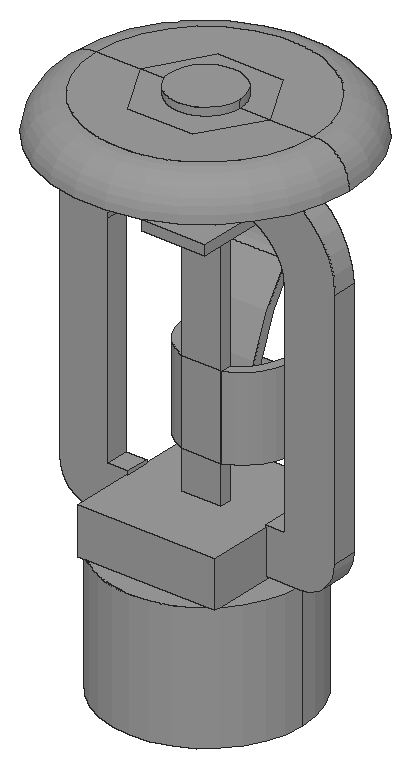
Revit family
Parameters (values of type "RASCO G UPRIGHT")
  Temperature Rating = 286 °F
  Response = (empty or 0)
  RASCO SIN # = "R1027"
  RASCO Part # = "GU3LB"
  Pressure Rating = "175 PSI"
  Pressure Class = (empty or 0)
  Orifice Size = 17/32"
  Orifice = (empty or 0)
  Model = "G"
  Manufacturer = "RASCO"
  K-Factor = 8.2
  Description = "Bronze Finish"
  Coverage = (empty or 0)
Reference planes (in)
  plane 1 "Center (Front/Back)": y = 0
  plane 2: z = 0
  plane 3 "Center (Left/Right)": x = 0
Dimensions and locks (in)
  aligned and locked: plane 2 to level
Nested families (in)
  nested 1: "GU3LB" at (0, 0, 0), type "RASCO G UPRIGHT"
Connectors (in)
  piping at (0, 0, 0)
    settings: on nested 1, index 1, connector radius 1/2", flow factor 0, pipe flow 0 GPM, pressure drop 0.00 psi, fitting loss kfactor 0, connector angle 0.00°, fixture units 0, flow configuration 0, flow direction 0, fitting loss method 0, system type 7, connector reference index -1, connector utility 0, adjustable connector no, is connector primary yes, fitting loss table "", connector description ""
Definition of nested family "GU3LB"
  Parameters (values of type "RASCO G UPRIGHT")
    Type Comments = ""
    Temperature Rating = 0 °F
    Response = (empty or 0)
    Pressure Rating = "0"
    Pressure Class = (empty or 0)
    Orifice Size = 0"
    Orifice = (empty or 0)
    Model = ""
    Manufacturer = ""
    K-Factor = 0
    Description = ""
    Coverage = (empty or 0)
    Assembly Code = ""
  Reference planes (in)
    plane 1 "Center (Front/Back)": y = 0
    plane 2: z = 0
    plane 3 "ref.2": z = 0.6875
    plane 4 "ref.3": z = 0.9375
    plane 5: x = -0.38065
    plane 6: x = 0.36935
    plane 7 "ref. side 1": y = 0.06402
    plane 8 "ref. side 2": y = -0.06098
    plane 9 "ref.4": z = 1.875
    plane 10 "ref.5": z = 2.937
    plane 11 "center": x = -0.00574
  Forms (in)
    Extrusion 1, solid, material "Default"
      sketch origin (0, 0, 0) x (1, 0, 0) y (0, 1, 0)
        loop
          circle (0, 0) r 0.5245
      from 0 to 0.6875
    Extrusion 2, solid, material "Default"
      sketch origin (-0.12185, 0.05177, 0.6875) x (1, 0, 0) y (0, 1, 0)
        loop
          line (-0.2588, 0.356) -> (-0.2588, -0.4565) -> (0.4912, -0.4565) -> (0.4912, 0.356) -> (-0.2588, 0.356)
      from 0 to 0.25
    Extrusion 3, solid, material "Default"
      sketch origin (-0.00034, 0, 0.01527) x (1, 0, 0) y (0, 0, 1)
        loop
          line (-0.49248, 0.9375) -> (-0.49248, 2.1327)
          arc (-0.49248, 2.1327) -> (-0.40724, 2.33849) -> (-0.20145, 2.42373) r 0.29103
          line (-0.20145, 2.42373) -> (0.18108, 2.42373)
          arc (0.18108, 2.42373) -> (0.38905, 2.33759) -> (0.47519, 2.12963) r 0.29411
          line (0.47519, 2.12963) -> (0.47519, 0.9375) -> (0.36935, 0.9375) -> (0.36935, 0.6875) -> (0.55741, 0.6875)
          arc (0.55741, 0.6875) -> (0.69165, 0.7431) -> (0.74725, 0.87734) r 0.18984
          line (0.74725, 0.87734) -> (0.74725, 2.19113)
          arc (0.74725, 2.19113) -> (0.61669, 2.50631) -> (0.3015, 2.63687) r 0.44574
          line (0.3015, 2.63687) -> (-0.30719, 2.63687)
          arc (-0.30719, 2.63687) -> (-0.62225, 2.50637) -> (-0.75275, 2.19131) r 0.44556
          line (-0.75275, 2.19131) -> (-0.75275, 0.87876)
          arc (-0.75275, 0.87876) -> (-0.69673, 0.74352) -> (-0.56149, 0.6875) r 0.19126
          line (-0.56149, 0.6875) -> (-0.38065, 0.6875) -> (-0.38065, 0.9375) -> (-0.49248, 0.9375)
      from -0.06402 to 0.06098
    Extrusion 4, solid, material "Default"
      sketch origin (-0.00199, 0, 2.4995) x (-1, 0, 0) y (0, -1, 0)
        loop
          circle (0.00574, -0.00152) r 0.1875
      from -0.10571 to 0.4375
    Revolve 5, solid, material "Default"
      sketch origin (-0.00271, 0, 0.37011) x (1, 0, 0) y (0, 0, 1)
        loop
          line (-0.19255, 2.33367) -> (-0.19255, 2.52696) -> (-0.35809, 2.52696) -> (-0.59714, 2.52696)
          arc (-0.59714, 2.52696) -> (-0.73508, 2.47056) -> (-0.79397, 2.33367) r 0.19686
          line (-0.79397, 2.33367) -> (-0.19255, 2.33367)
        axis (-0.00574, 2.33367) -> (-0.00574, 2.52696)
      angle from 0 to 360
    Extrusion 6, solid, material "Default"
      sketch origin (0, 0, 0.9375) x (-1, 0, 0) y (0, -1, 0)
        loop
          line (-0.10175, -0.02852) -> (0.11324, -0.02852) -> (0.11324, 0.03101) -> (-0.10175, 0.03101) -> (-0.10175, -0.02852)
      from 0 to 1.45629
    Extrusion 7, solid, material "Default"
      sketch origin (-0.00574, -0.0095, -0.07537) x (0, 0, -1) y (0, -1, 0)
        loop
          line (-2.39379, 0.21198) -> (-2.39379, -0.229)
          arc (-2.39379, -0.229) -> (-2.26956, -0.41579) -> (-2.04926, -0.37342) r 0.20254
          arc (-2.04926, -0.37342) -> (-1.6599, -0.16721) -> (-1.22163, -0.12207) r 1.15319
          line (-1.22163, -0.12207) -> (-1.22163, -0.07087)
          arc (-1.22163, -0.07087) -> (-1.6782, -0.11947) -> (-2.0834, -0.33544) r 1.20419
          arc (-2.0834, -0.33544) -> (-2.24878, -0.36919) -> (-2.34279, -0.229) r 0.15154
          line (-2.34279, -0.229) -> (-2.34279, 0.21198) -> (-2.39379, 0.21198)
      from -0.17255 to 0.17398
    Extrusion 8, solid, material "Default"
      sketch origin (0, 0, 0) x (1, 0, 0) y (0, 1, 0)
        loop
          arc (0.23993, 0.23051) -> (0.19768, 0.11115) -> (0.10175, 0.02852) r 0.24647
          line (0.10175, 0.02852) -> (-0.11324, 0.02852)
          arc (-0.11324, 0.02852) -> (-0.21767, 0.12447) -> (-0.25194, 0.2621) r 0.24647
          line (-0.25194, 0.2621) -> (-0.25194, 0.40777) -> (-0.30719, 0.40777) -> (-0.30719, 0.25942)
          arc (-0.30719, 0.25942) -> (-0.25653, 0.08328) -> (-0.11324, -0.03101) r 0.30157
          line (-0.11324, -0.03101) -> (0.10175, -0.03101)
          arc (0.10175, -0.03101) -> (0.24461, 0.08262) -> (0.29574, 0.25785) r 0.30157
          line (0.29574, 0.25785) -> (0.29574, 0.40777) -> (0.23993, 0.40777) -> (0.23993, 0.23051)
      from 1.14626 to 1.59756
    Extrusion 9, solid, material "Default"
      sketch origin (-0.00574, -0.0095, -0.07537) x (0, 0, -1) y (0, -1, 0)
        loop
          circle (-1.44728, -0.26892) r 0.13147
      from -0.24568 to 0.24619
  Cuts and joins
    joined: Extrusion 1, Extrusion 2, Revolve 5
  Dimensions and locks (in)
    Revolve 5 sketch curve to Revolve 5 sketch curve = 0.78823"
    plane 10 "ref.5" to level = 2.937"
